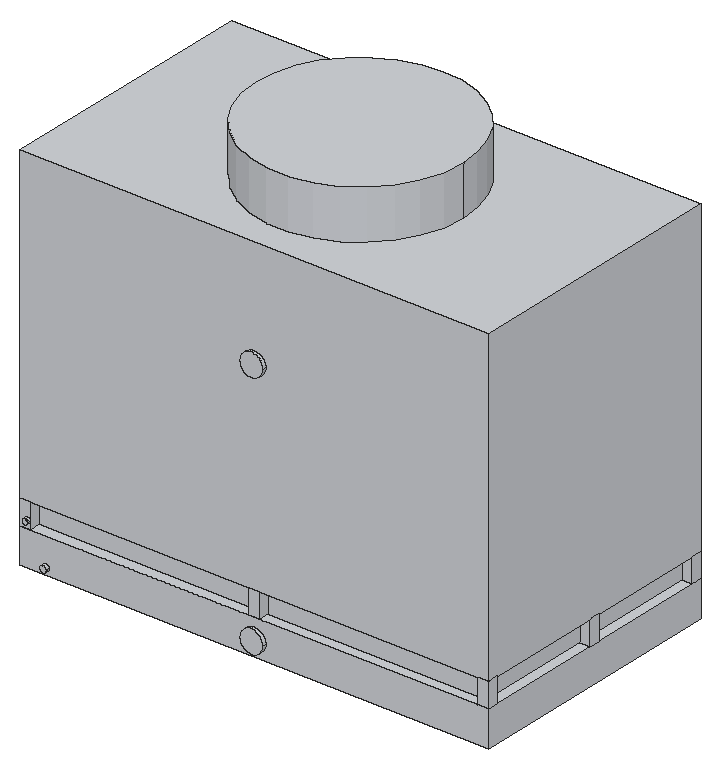
Revit family "M_Torre de resfriamento - Contra fluxo", category Equipamento mecânico, Revit 2019
Family settings
  Cota do conector redondo = Usar raio
  Tipo de parte = Normal
  Número OmniClass = 23.75.10.37.11
  Título OmniClass = Mechanical-Draft Cooling Towers
  ID de item do Seek = Cooling Tower - Counterflow-0000-CAN-ENU
  Com base no plano de trabalho = Não
  Sempre na vertical = Sim
  Corte com vazios quando carregada = Não
  Compartilhado = Não
  Ponto de cálculo do ambiente = Não
Parameters (values of type "5494 kW")
  Voltagem = 460 V
  Raio 1 = Largura da torre de refrigeração / 2 - 450 mm  # 1600 mm
  Queda de pressão da água composta [instance] = 80000.0 Pa
  Classificação de carga = Refrigeração
  Queda de pressão da água da refrigeração [instance] = (C1 Deslocamento1 / 1 mm) * 248.84 Pa + 49021.5 Pa  # 1059311.9 Pa
  Largura da torre de refrigeração = 4100 mm
  Comprimento da torre de refrigeração = 7240 mm
  Altura da torre de refrigeração = 6500 mm
  Raio da água da refrigeração = 175 mm
  Diâmetro da água da refrigeração = Raio da água da refrigeração * 2  # 350 mm
  Número de pólos = 3
  Carga aparente = 44700 VA
  Raio da composição = 40 mm
  Diâmetro da composição = Raio da composição * 2  # 80 mm
  Fluxo de água composto [instance] = 4.73 L/s
  Altura2 = 545 mm
  Altura1 = 2520 mm
  Raio da drenagem = 50 mm
  Diâmetro da drenagem = Raio da drenagem * 2  # 100 mm
  Material da torre de refrigeração = none
  Fluxo da água da refrigeração [instance] = 237.0 L/s
  C4 Deslocamento2 = 400 mm
  C4 Deslocamento1 = 100 mm
  C3 Deslocamento2 = 120 mm
  C3 Deslocamento1 = 660 mm
  C2 Deslocamento1 = 230 mm
  C1 Deslocamento1 = 4060 mm
Types (9, lengths in mm): name | Raio 1 | Queda de pressão da água composta | Queda de pressão da água da refrigeração | Largura da torre de refrigeração | Comprimento da torre de refrigeração | Altura da torre de refrigeração | Raio da água da refrigeração | Diâmetro da água da refrigeração | Carga aparente | Raio da composição | Diâmetro da composição | Fluxo de água composto | Altura2 | Altura1 | Raio da drenagem | Diâmetro da drenagem | Fluxo da água da refrigeração | C4 Deslocamento2 | C4 Deslocamento1 | C3 Deslocamento1 | C2 Deslocamento1 | C1 Deslocamento1
  (no name) | 1600 | 80000.0 Pa | 1059311.9 Pa | 4100 | 7240 | 6500 | 175 | 350 | 44700 VA | 40 | 80 | 4.73 L/s | 545 | 2520 | 50 | 100 | 237.0 L/s | 400 | 100 | 660 | 230 | 4060
  879 kW | 690 | 20000.0 Pa | 550682.9 Pa | 2280 | 2580 | 3500 | 75 | 150 | 5600 VA | 25 | 50 | 0.76 L/s | 480 | 1850 | 40 | 80 | 37.9 L/s | 375 | 89 | 587 | 190 | 2016
  1099 kW | 690 | 30000.0 Pa | 702226.5 Pa | 2280 | 2580 | 4118 | 75 | 150 | 11200 VA | 25 | 50 | 0.95 L/s | 480 | 2460 | 40 | 80 | 47.3 L/s | 375 | 89 | 587 | 190 | 2625
  1538 kW | 840 | 40000.0 Pa | 730843.1 Pa | 2580 | 3188 | 4426 | 100 | 200 | 14900 VA | 25 | 50 | 1.32 L/s | 480 | 2550 | 40 | 80 | 66.2 L/s | 565 | 89 | 588 | 190 | 2740
  2197 kW | 840 | 50000.0 Pa | 758215.5 Pa | 2580 | 4260 | 4540 | 100 | 200 | 22400 VA | 25 | 50 | 1.89 L/s | 480 | 2660 | 40 | 80 | 94.6 L/s | 565 | 89 | 587 | 190 | 2850
  2417 kW | 1350 | 60000.0 Pa | 778122.7 Pa | 3600 | 4260 | 5300 | 125 | 250 | 18600 VA | 25 | 50 | 2.84 L/s | 530 | 1740 | 40 | 80 | 142.0 L/s | 300 | 89 | 638 | 216 | 2930
  4175 kW | 1350 | 70000.0 Pa | 852774.7 Pa | 3600 | 4260 | 5600 | 125 | 250 | 29800 VA | 25 | 50 | 3.6 L/s | 530 | 1740 | 40 | 80 | 180.0 L/s | 300 | 89 | 640 | 215 | 3230
  5494 kW | 1600 | 80000.0 Pa | 1059311.9 Pa | 4100 | 7240 | 6500 | 175 | 350 | 44700 VA | 40 | 80 | 4.73 L/s | 545 | 2520 | 50 | 100 | 237.0 L/s | 400 | 100 | 660 | 230 | 4060
  615 kW | 690 | 20000.0 Pa | 550682.9 Pa | 2280 | 2580 | 3500 | 75 | 150 | 5600 VA | 25 | 50 | 0.76 L/s | 480 | 1850 | 40 | 80 | 26.5 L/s | 375 | 89 | 587 | 190 | 2016
Reference planes
  plane 1 "Centro (Frente/Trás)": y = 0
  plane 2: z = 0
  plane 3 "Centro (Esquerda/Direita)": x = 0
  plane 4: y = 4100
  plane 5: x = 7240
  plane 6: z = 6500
  plane 7: z = 5738
  plane 8: y = 2050
  plane 9: x = 3620
  plane 10: z = 545
  plane 11: z = 926
  plane 12: y = 3934.9
  plane 13: y = 165.1
  plane 14: x = 165.1
  plane 15: x = 7074.9
  plane 16: y = 1967.45
  plane 17: y = 2132.55
  plane 18: x = 3702.55
  plane 19: x = 3537.45
  plane 20 "3": z = 100
  plane 21: x = 400
  plane 22: y = -50.8
  plane 23 "2": z = 660
  plane 24: x = 120
  plane 25 "5": z = 230
  plane 26 "1": z = 2520
  plane 27 "4": z = 4060
Forms (mm)
  Extrusion 1, solid, material <- "Material da torre de refrigeração"
    sketch origin (0, 0, 0) x (1, 0, 0) y (0, 1, 0)
      loop
        line (0, 0) -> (7240, 0) -> (7240, 4100) -> (0, 4100) -> (0, 0)
    from 0 to 5738
  Extrusion 2, solid, material <- "Material da torre de refrigeração"
    sketch origin (0, 0, 0) x (1, 0, 0) y (0, 1, 0)
      loop
        circle (3620, 2050) r 1600
    from 5738 to 6500
  Extrusion 3, void, detail levels fine
    sketch origin (0, 0, 0) x (1, 0, 0) y (0, 1, 0)
      loop
        line (0, 4100) -> (0, 0) -> (7240, 0) -> (7240, 4100) -> (0, 4100)
      loop
        line (165.1, 3934.9) -> (165.1, 165.1) -> (7074.9, 165.1) -> (7074.9, 3934.9) -> (165.1, 3934.9)
    from 545 to 926
  Extrusion 4, solid, material <- "Material da torre de refrigeração"
    sketch origin (0, 0, 0) x (1, 0, 0) y (0, 1, 0)
      loop
        line (165.1, 3934.9) -> (165.1, 4100) -> (0, 4100) -> (0, 3934.9) -> (165.1, 3934.9)
      loop
        line (7074.9, 3934.9) -> (7240, 3934.9) -> (7240, 4100) -> (7074.9, 4100) -> (7074.9, 3934.9)
      loop
        line (7074.9, 165.1) -> (7074.9, 0) -> (7240, 0) -> (7240, 165.1) -> (7074.9, 165.1)
      loop
        line (165.1, 165.1) -> (0, 165.1) -> (0, 0) -> (165.1, 0) -> (165.1, 165.1)
      loop
        line (165.1, 2132.55) -> (0, 2132.55) -> (0, 1967.45) -> (165.1, 1967.45) -> (165.1, 2132.55)
      loop
        line (7240, 2132.55) -> (7074.9, 2132.55) -> (7074.9, 1967.45) -> (7240, 1967.45) -> (7240, 2132.55)
      loop
        line (3537.45, 165.1) -> (3537.45, 0) -> (3702.55, 0) -> (3702.55, 165.1) -> (3537.45, 165.1)
      loop
        line (3537.45, 4100) -> (3537.45, 3934.9) -> (3702.55, 3934.9) -> (3702.55, 4100) -> (3537.45, 4100)
    from 545 to 926
  Extrusion 5, solid, material <- "Material da torre de refrigeração"
    sketch origin (0, 0, 0) x (1, 0, 0) y (0, 0, 1)
      loop
        circle (400, 100) r 50
    from 0 to 50.8
  Extrusion 6, solid, material <- "Material da torre de refrigeração"
    sketch origin (0, 0, 0) x (1, 0, 0) y (0, 0, 1)
      loop
        circle (120, 660) r 40
    from 0 to 50.8
  Extrusion 7, solid, material <- "Material da torre de refrigeração"
    sketch origin (0, 0, 0) x (1, 0, 0) y (0, 0, 1)
      loop
        circle (3620, 230) r 175
    from 0 to 50.8
  Extrusion 8, solid, material <- "Material da torre de refrigeração"
    sketch origin (0, 0, 0) x (1, 0, 0) y (0, 0, 1)
      loop
        circle (3620, 4060) r 175
    from 0 to 50.8
  Extrusion 9, solid, material <- "Material da torre de refrigeração", detail levels coarse
    sketch origin (0, 0, 100) x (-1, 0, 0) y (0, -1, 0)
      loop
        line (0, -4100) -> (0, 0) -> (-7240, 0) -> (-7240, -4100) -> (0, -4100)
    from 445 to 826
Cuts and joins
  Extrusion 3 cuts Extrusion 1
  joined: Extrusion 1, Extrusion 2
Lines and regions (mm)
  model lines
    curve 1: line (165.1, 165.1, 545) -> (7074.9, 165.1, 545)
    curve 2: line (165.1, 165.1, 621.2) -> (7074.9, 165.1, 621.2)
    curve 3: line (165.1, 165.1, 697.4) -> (7074.9, 165.1, 697.4)
    curve 4: line (165.1, 165.1, 773.6) -> (7074.9, 165.1, 773.6)
    curve 5: line (165.1, 165.1, 849.8) -> (7074.9, 165.1, 849.8)
    curve 6: line (7074.9, 3934.9, 545) -> (7074.9, 165.1, 545)
    curve 7: line (7074.9, 3934.9, 621.2) -> (7074.9, 165.1, 621.2)
    curve 8: line (7074.9, 3934.9, 697.4) -> (7074.9, 165.1, 697.4)
    curve 9: line (7074.9, 3934.9, 773.6) -> (7074.9, 165.1, 773.6)
    curve 10: line (7074.9, 3934.9, 849.8) -> (7074.9, 165.1, 849.8)
    curve 11: line (165.1, 3934.9, 545) -> (165.1, 165.1, 545)
    curve 12: line (165.1, 3934.9, 621.2) -> (165.1, 165.1, 621.2)
    curve 13: line (165.1, 3934.9, 697.4) -> (165.1, 165.1, 697.4)
    curve 14: line (165.1, 3934.9, 773.6) -> (165.1, 165.1, 773.6)
    curve 15: line (165.1, 3934.9, 849.8) -> (165.1, 165.1, 849.8)
    curve 16: line (7074.9, 3934.9, 545) -> (165.1, 3934.9, 545)
    curve 17: line (7074.9, 3934.9, 621.2) -> (165.1, 3934.9, 621.2)
    curve 18: line (7074.9, 3934.9, 697.4) -> (165.1, 3934.9, 697.4)
    curve 19: line (7074.9, 3934.9, 773.6) -> (165.1, 3934.9, 773.6)
    curve 20: line (7074.9, 3934.9, 849.8) -> (165.1, 3934.9, 849.8)
    curve 21: line (0, 4100, 2520) -> (7240, 4100, 2520)
    curve 22: line (0, 0, 2520) -> (0, 4100, 2520)
    curve 23: line (7240, 0, 2520) -> (0, 0, 2520)
    curve 24: line (7240, 4100, 2520) -> (7240, 0, 2520)
    curve 25: line (3620, 0, 4060) -> (3620, -50.8, 4060)
    curve 26: line (3620, 0, 230) -> (3620, -50.8, 230)
    curve 27: line (120, 0, 660) -> (120, -50.8, 660)
    curve 28: line (400, 0, 100) -> (400, -50.8, 100)
Dimensions and locks
  "Comprimento da torre de refrigeração": plane 3 "Centro (Esquerda/Direita)" to plane 5
  "Largura da torre de refrigeração": plane 4 to plane 1 "Centro (Frente/Trás)"
  "Altura da torre de refrigeração": plane 6 to plane 2
  locked: plane 6 to plane 7 at 762
  equal spacing: plane 4, plane 8, plane 1 "Centro (Frente/Trás)"
  equal spacing: plane 3 "Centro (Esquerda/Direita)", plane 9, plane 5
  "Altura2": plane 10 to plane 2
  locked: plane 11 to plane 10 at 381
  locked: plane 12 to plane 4 at 165.1
  locked: plane 13 to plane 1 "Centro (Frente/Trás)" at 165.1
  locked: plane 3 "Centro (Esquerda/Direita)" to plane 14 at 165.1
  locked: plane 15 to plane 5 at 165.1
  plane 17 to plane 8 to plane 16 = 82.55 mm locked, 82.55 mm locked
  plane 19 to plane 9 to plane 18 = 82.55 mm locked, 82.55 mm locked
  "C4 Deslocamento1": plane 20 "3" to plane 2
  "C4 Deslocamento2": plane 21 to plane 3 "Centro (Esquerda/Direita)"
  locked: plane 1 "Centro (Frente/Trás)" to plane 22 at 50.8
  "C3 Deslocamento1": plane 23 "2" to plane 2
  "C3 Deslocamento2": plane 24 to plane 3 "Centro (Esquerda/Direita)"
  "C2 Deslocamento1": plane 25 "5" to plane 2
  "Altura1": plane 26 "1" to plane 2
  "C1 Deslocamento1": plane 27 "4" to plane 2
  "Raio 1": radius of Extrusion 2 sketch curve
  "Raio da drenagem": radius of Extrusion 5 sketch curve
  "Raio da composição": radius of Extrusion 6 sketch curve
  "Raio da água da refrigeração": radius of Extrusion 7 sketch curve
  "Raio da água da refrigeração": radius of Extrusion 8 sketch curve
  aligned and locked: plane 3 "Centro (Esquerda/Direita)" to Extrusion 1 sketch curve
  aligned and locked: plane 1 "Centro (Frente/Trás)" to Extrusion 1 sketch curve
  aligned and locked: Extrusion 1 sketch curve to plane 4
  aligned and locked: plane 5 to Extrusion 1 sketch curve
  aligned and locked: plane 7 to Extrusion 1
  aligned and locked: plane 9 to Extrusion 2 sketch curve
  aligned and locked: Extrusion 2 sketch curve to plane 8
  aligned and locked: Extrusion 2 to Extrusion 1
  aligned and locked: Extrusion 2 to plane 6
  aligned and locked: Extrusion 3 sketch curve to Extrusion 1  (x3)
  aligned and locked: Extrusion 1 to Extrusion 3 sketch curve
  aligned and locked: plane 14 to Extrusion 3 sketch curve
  aligned and locked: plane 12 to Extrusion 3 sketch curve
  aligned and locked: Extrusion 3 sketch curve to plane 13
  aligned and locked: Extrusion 3 sketch curve to plane 15
  aligned and locked: Extrusion 3 to plane 11
  aligned and locked: Extrusion 3 to plane 10
  aligned and locked: cut or joined group of Extrusion 1, Extrusion 2, Extrusion 3 to Extrusion 4 sketch curve  (x8)
  aligned and locked: Extrusion 4 sketch curve to cut or joined group of Extrusion 1, Extrusion 2, Extrusion 3  (x5)
  aligned and locked: cut or joined group of Extrusion 1, Extrusion 2, Extrusion 3 to curve 1
  aligned and locked: curve 6 to cut or joined group of Extrusion 1, Extrusion 2, Extrusion 3  (x2)
  aligned and locked: curve 11 to curve 6
  aligned and locked: curve 16 to curve 1
  aligned and locked: plane 14 to Extrusion 4 sketch curve
  aligned and locked: plane 17 to Extrusion 4 sketch curve
  aligned and locked: plane 16 to Extrusion 4 sketch curve
  aligned and locked: Extrusion 4 sketch curve to plane 3 "Centro (Esquerda/Direita)"
  aligned and locked: Extrusion 4 sketch curve to plane 16
  aligned and locked: plane 19 to Extrusion 4 sketch curve  (x2)
  aligned and locked: plane 1 "Centro (Frente/Trás)" to Extrusion 4 sketch curve
  aligned and locked: Extrusion 4 sketch curve to plane 18  (x2)
  aligned and locked: Extrusion 4 sketch curve to plane 4
  aligned and locked: plane 11 to Extrusion 4
  aligned and locked: Extrusion 4 to plane 10
  aligned and locked: plane 21 to Extrusion 5 sketch curve
  aligned and locked: plane 20 "3" to Extrusion 5 sketch curve
  aligned and locked: plane 22 to Extrusion 5
  aligned and locked: plane 24 to Extrusion 6 sketch curve
  aligned and locked: plane 23 "2" to Extrusion 6 sketch curve
  aligned and locked: Extrusion 5 to Extrusion 6
  aligned and locked: Extrusion 6 to plane 1 "Centro (Frente/Trás)"
  aligned and locked: plane 9 to Extrusion 7 sketch curve
  aligned and locked: plane 25 "5" to Extrusion 7 sketch curve
  aligned and locked: Extrusion 5 to Extrusion 7
  aligned and locked: plane 9 to Extrusion 8 sketch curve
  aligned and locked: Extrusion 8 sketch curve to plane 27 "4"
  aligned and locked: plane 22 to Extrusion 8
  aligned and locked: Extrusion 9 sketch curve to cut or joined group of Extrusion 1, Extrusion 2, Extrusion 3  (x3)
  aligned and locked: cut or joined group of Extrusion 1, Extrusion 2, Extrusion 3 to Extrusion 9 sketch curve
  aligned and locked: Extrusion 9 to cut or joined group of Extrusion 1, Extrusion 2, Extrusion 3  (x2)
Automatic sketch dimensions
  curve 3 to Extrusion 3 = 0 mm  (x2)
  curve 1 to Extrusion 3 = 0 mm  (x2)
  curve 4 to Extrusion 3 = 0 mm  (x2)
  curve 2 to Extrusion 3 = 0 mm  (x2)
  curve 5 to Extrusion 3 = 0 mm  (x2)
  Extrusion 3 to curve 2 = 76.2 mm
  curve 3 to curve 2 = 76.2 mm
  curve 4 to curve 3 = 76.2 mm
  curve 5 to curve 4 = 76.2 mm
  curve 9 to Extrusion 3 = 0 mm  (x2)
  curve 7 to Extrusion 3 = 0 mm  (x2)
  curve 8 to Extrusion 3 = 0 mm  (x2)
  curve 10 to Extrusion 3 = 0 mm  (x2)
  curve 6 to Extrusion 3 = 0 mm
  curve 7 to curve 6 = 76.2 mm
  curve 8 to curve 7 = 76.2 mm
  curve 9 to curve 8 = 76.2 mm
  Extrusion 3 to curve 10 = 76.2 mm
  curve 13 to Extrusion 3 = 0 mm  (x2)
  curve 11 to Extrusion 3 = 0 mm  (x2)
  curve 14 to Extrusion 3 = 0 mm  (x2)
  curve 12 to Extrusion 3 = 0 mm  (x2)
  curve 15 to Extrusion 3 = 0 mm  (x2)
  Extrusion 3 to curve 12 = 76.2 mm
  curve 13 to curve 12 = 76.2 mm
  curve 14 to curve 13 = 76.2 mm
  curve 15 to curve 14 = 76.2 mm
  curve 18 to Extrusion 3 = 0 mm  (x2)
  curve 16 to Extrusion 3 = 0 mm  (x2)
  curve 19 to Extrusion 3 = 0 mm  (x2)
  curve 17 to Extrusion 3 = 0 mm  (x2)
  curve 20 to Extrusion 3 = 0 mm  (x2)
  Extrusion 3 to curve 17 = 76.2 mm
  curve 18 to curve 17 = 76.2 mm
  curve 19 to curve 18 = 76.2 mm
  curve 20 to curve 19 = 76.2 mm
  Extrusion 4 sketch curve to plane 1 "Centro (Frente/Trás)" = 0 mm
  Extrusion 4 sketch curve to plane 14 = 0 mm
  Extrusion 4 sketch curve to plane 12 = 0 mm
  Extrusion 4 sketch curve to plane 15 = 0 mm  (x2)
  Extrusion 4 sketch curve to plane 13 = 0 mm
  Extrusion 4 sketch curve to plane 17 = 0 mm
  Extrusion 4 sketch curve to plane 4 = 0 mm
  curve 21 to plane 4 = 0 mm
  curve 21 to plane 5 = 0 mm
  curve 23 to plane 1 "Centro (Frente/Trás)" = 0 mm
  curve 23 to plane 3 "Centro (Esquerda/Direita)" = 0 mm
  curve 25 to plane 9 = 0 mm
  curve 25 to plane 22 = 0 mm
  curve 25 to plane 1 "Centro (Frente/Trás)" = 0 mm
  curve 26 to plane 1 "Centro (Frente/Trás)" = 0 mm
  curve 26 to plane 9 = 0 mm
  curve 26 to plane 22 = 0 mm
  curve 27 to plane 22 = 0 mm
  curve 27 to plane 24 = 0 mm
  curve 27 to plane 1 "Centro (Frente/Trás)" = 0 mm
  curve 28 to plane 21 = 0 mm
  curve 28 to plane 1 "Centro (Frente/Trás)" = 0 mm
  curve 28 to plane 22 = 0 mm
Connectors
  piping at (3620, -50.8, 230), diameter 350, driven by "Fluxo da água da refrigeração", driven by "Raio da água da refrigeração", driven by "Queda de pressão da água da refrigeração"
    settings: on Extrusion 7, index 1, connector inside diameter 350 mm, connector length 0 mm, flow factor 0, pipe flow 237.0 L/s, pressure drop 1059311.9 Pa, fitting loss kfactor 0, connector angle 0.00°, fixture units 0, engagement length 0 mm, angle of deflection 0.00°, flow configuration 0, flow direction 2, fitting loss method 4, system type 7, joint type 0, gender type 0, connector reference index 2, connector utility 0, adjustable connector no, is connector primary yes, connector description "Saída de água do condensador"
  piping at (3620, -50.8, 4060), diameter 350, driven by "Fluxo da água da refrigeração", driven by "Raio da água da refrigeração"
    settings: on Extrusion 8, index 2, connector inside diameter 350 mm, connector length 0 mm, flow factor 0, pipe flow 237.0 L/s, pressure drop 0.0 Pa, fitting loss kfactor 0, connector angle 0.00°, fixture units 0, engagement length 0 mm, angle of deflection 0.00°, flow configuration 0, flow direction 1, fitting loss method 4, system type 8, joint type 0, gender type 0, connector reference index 1, connector utility 0, adjustable connector no, is connector primary no, connector description "Entrada de água do condensador"
  piping at (120, -50.8, 660), diameter 80, driven by "Raio da composição", driven by "Queda de pressão da água composta", driven by "Fluxo de água composto"
    settings: on Extrusion 6, index 3, connector inside diameter 80 mm, connector length 0 mm, flow factor 0, pipe flow 4.73 L/s, pressure drop 80000.0 Pa, fitting loss kfactor 0, connector angle 0.00°, fixture units 0, engagement length 0 mm, angle of deflection 0.00°, flow configuration 1, flow direction 1, fitting loss method 4, system type 20, joint type 0, gender type 0, connector reference index -1, connector utility 0, adjustable connector no, is connector primary no, connector description "Entrada de água composta"
  piping at (400, -50.8, 100), diameter 100, driven by "Raio da drenagem"
    settings: on Extrusion 5, index 4, connector inside diameter 100 mm, connector length 0 mm, flow factor 0, pipe flow 0.0 L/s, pressure drop 0.0 Pa, fitting loss kfactor 0, connector angle 0.00°, fixture units 0, engagement length 0 mm, angle of deflection 0.00°, flow configuration 1, flow direction 2, fitting loss method 0, system type 16, joint type 0, gender type 0, connector reference index -1, connector utility 0, adjustable connector yes, is connector primary no, connector description "Saída da drenagem"
  electrical at (3620, 2050, 6500), driven by "Número de pólos", driven by "Carga aparente", driven by "Voltagem", driven by "Classificação de carga"
    settings: on Extrusion 2, index 5, voltage 460 V, apparent load 44700 VA, apparent load phase1 0 VA, apparent load phase2 0 VA, apparent load phase3 0 VA, power factor 0.8, load classification "Refrigeração", number of poles 3, system type 30, power factor state 1, is connector primary yes, connector utility no, sub classification motor no, connector description ""
